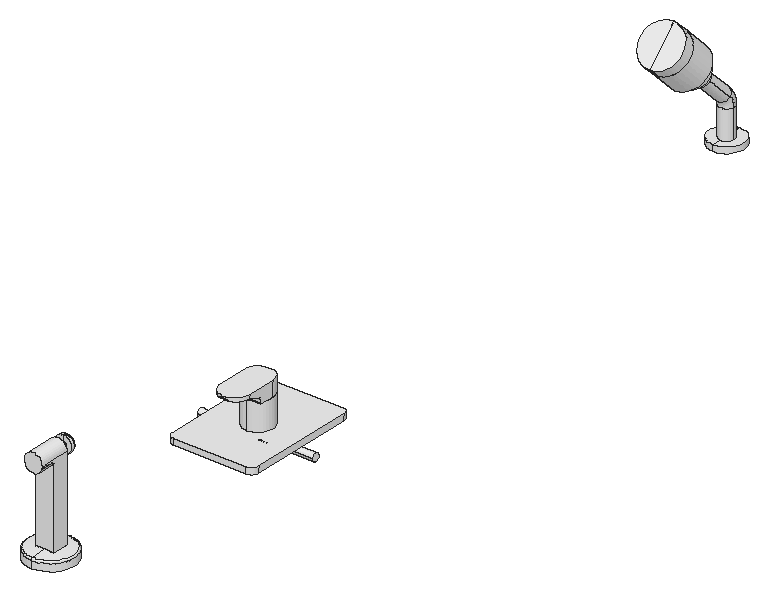
Revit family "Shower-Bath-American_Standard-Moments-T506.50x_Series", category Plumbing Fixtures, host Face, Revit 2014
Parameters (values of type "T506.502")
  Width = 6"
  Waste Connection = no
  Warranty Information = "Limited Lifetime Function and Finish Warranty."
  WFU = 4
  Vent Connection = no
  Valve = yes
  URL = "http://www.americanstandard-us.com/"
  Type Comments = ""
  Shower = yes
  Revised Date = "11/18/2016"  # constant formula
  Product Page URL = "https://www.americanstandard-us.com/bathroom/shower-faucets/moments-bath-shower-trim-kits-17945"
  Product Documentation Link = "https://www.americanstandard-us.com/-/media/sites/asus/files/product-specs/bulk/specsheett506502.pdf?la=en"
  Price = "Prices may vary. Please consult Manufacturer Representative for most up-to-date price list."  # constant formula
  NPT Connection Size = 1/2"
  NPT Connection Radius = NPT Connection Size / 2  # 1/4"
  Model = "T506.502"
  Material = "Brass-American Standard-002-Polished Chrome"
  Manufacturer = "American Standard"
  Length = 8 1/2"
  Hot Water Connection Radius = 1/4"
  Hot Water Connection Height = 39"
  Hot Water Connection Diameter = Hot Water Connection Radius * 2  # 1/2"
  Height = 74"
  HWFU = 3
  HW Connection = yes
  Description = "Moments Pressure Balance Bath-Shower Fitting. Bath and Shower Trim Kit."
  Default Elevation = 0"
  Creation Date = "10/24/14"  # constant formula
  Cold Water Connection Radius = 1/4"
  Cold Water Connection Height = Hot Water Connection Height  # 39"
  Cold Water Connection Diameter = Cold Water Connection Radius * 2  # 1/2"
  CWFU = 2
  CW Connection = yes
  Bath = yes
  Assembly Code = "D2020300"
  ADA Compliant = yes
Types (4): name | Shower | Model | Description | Bath
  (no name) | yes | "T506.502" | "Moments Pressure Balance Bath-Shower Fitting. Bath and Shower Trim Kit." | yes
  T506.502 | yes | "T506.502" | "Moments Pressure Balance Bath-Shower Fitting. Bath and Shower Trim Kit." | yes
  T506.501 | yes | "T506.501" | "Moments Pressure Balance Bath-Shower Fitting. Shower Only Trim Kit." | no
  T506.500 | no | "T506.500" | "Moments Pressure Balance Bath-Shower Fitting. Valve Only Trim Kit." | no
Reference planes (in)
  plane 1 "Center (Front/Back)": y = -43
  plane 2: z = 0
  plane 3 "Center (Left/Right)": x = 0
  plane 4: x = 4
  plane 5: x = -4
  plane 6: y = 31
  plane 7: y = -22
  plane 8: y = -4
  plane 9: y = 36.625
  plane 10: z = 8.5
  plane 11: through (0, 31, 8.50634) normal (0, -0.7071, -0.7071)
  plane 12: y = 35.4375
  plane 13: y = 37.8125
  plane 14: y = -8.1875
  plane 15: y = 0.1875
  plane 16: z = 6.5
Forms (in)
  Extrusion 1, solid, material "Brass-American Standard-002-Polished Chrome"
    sketch origin (0, -9, 0) x (0, 1, 0) y (0, 0, 1)
      loop
        circle (5, -0.32281) r 0.25
    from -4 to 4
  Extrusion 2, solid, material "Brass-American Standard-002-Polished Chrome"
    sketch origin (0, -43, 0) x (1, 0, 0) y (0, 0, 1)
      loop
        circle (0, -0.31947) r 0.25
    from -40.5 to -37.5
  Extrusion 3, solid, material "Brass-American Standard-002-Polished Chrome", visible <- "Shower"
    sketch origin (0, 0.625, 0) x (1, 0, 0) y (0, 1, 0)
      loop
        circle (0, 36) r 0.25
    from 0 to 0.02683
  Extrusion 4, solid, material "Brass-American Standard-002-Polished Chrome", visible <- "Bath"
    sketch origin (0, 0, 0) x (1, 0, 0) y (0, 1, 0)
      loop
        circle (0, -22) r 0.25
    from 0 to 0.09092
  Revolve 5, solid, material "Brass-American Standard-002-Polished Chrome", visible <- "Shower"
    sketch origin (0, 20.625, 0) x (0, 0, -1) y (0, 1, 0)
      loop
        line (0, 17.1875) -> (-0.4, 17.1875) -> (-0.4, 16) -> (0, 16) -> (0, 17.1875)
      axis (-0.4, 16) -> (0, 16)
    angle from 0 to 360
  Sweep 6, solid, material "Brass-American Standard-002-Polished Chrome", visible <- "Shower"
    path origin (0, -37.375, 0) x (0, 0, -1) y (0, 1, 0)
      loop
        line (-0.4, 74) -> (-2.41017, 74)
        arc (-2.41017, 74) -> (-2.84547, 73.91341) -> (-3.2145, 73.66683) r 1.1375
        line (-3.2145, 73.66683) -> (-4.93684, 71.94449)
    profile origin (0, 36.625, 0.4) x (0, -1, 0) y (1, 0, 0)
      loop
        circle (0, 0) r 0.5
  Extrusion 7, solid, material "Brass-American Standard-002-Polished Chrome", visible <- "Valve"
    sketch origin (0, -38, 0) x (1, 0, 0) y (0, 1, 0)
      loop
        arc (-2.5, 38.1875) -> (-2.85355, 38.04105) -> (-3, 37.6875) r 0.5
        line (-3, 37.6875) -> (-3, 30.3125)
        arc (-3, 30.3125) -> (-2.85355, 29.95895) -> (-2.5, 29.8125) r 0.5
        line (-2.5, 29.8125) -> (2.5, 29.8125)
        arc (2.5, 29.8125) -> (2.85355, 29.95895) -> (3, 30.3125) r 0.5
        line (3, 30.3125) -> (3, 37.6875)
        arc (3, 37.6875) -> (2.85355, 38.04105) -> (2.5, 38.1875) r 0.5
        line (2.5, 38.1875) -> (-2.5, 38.1875)
    from 0 to 0.4
  Revolve 8, solid, material "Brass-American Standard-002-Polished Chrome", visible <- "Valve"
    sketch origin (0, -38, 0) x (0, 0, -1) y (0, 1, 0)
      loop
        line (-0.4, 34) -> (-0.4, 35) -> (-2.30685, 35) -> (-2.30685, 34.88515) -> (-2.4, 34.88515) -> (-2.4, 34) -> (-0.4, 34)
      axis (-0.4, 34) -> (-2.4, 34)
    angle from 0 to 360
  Extrusion 9, solid, material "Brass-American Standard-002-Polished Chrome", visible <- "Valve"
    sketch origin (0, -38, 0) x (1, 0, 0) y (0, 1, 0)
      loop
        line (-1, 34) -> (-1, 32)
        arc (-1, 32) -> (0, 31) -> (1, 32) r 1
        line (1, 32) -> (1, 34)
        arc (1, 34) -> (0, 35) -> (-1, 34) r 1
    from 2.4 to 3.4
  Extrusion 10, void
    sketch origin (0, -38, -0.5) x (0, 0, -1) y (0, 1, 0)
      loop
        line (-2.65, 33) -> (-2.96127, 33)
        arc (-2.96127, 33) -> (-3.20475, 32.9408) -> (-3.39388, 32.77642) r 0.53033
        arc (-3.39388, 32.77642) -> (-3.58608, 32.15573) -> (-3.68954, 31.51425) r 4.63228
        line (-3.68954, 31.51425) -> (-3.68954, 31.14751)
        arc (-3.68954, 31.14751) -> (-3.72195, 31.04756) -> (-3.80685, 30.98564) r 0.17033
        line (-3.80685, 30.98564) -> (-3.80685, 30.75) -> (-2.65, 30.75) -> (-2.65, 33)
    from -1.34355 to 1.60308
  Revolve 11, solid, material "Brass-American Standard-002-Polished Chrome", visible <- "Bath"
    sketch origin (0, -48.5, 28.72666) x (0, 0, 1) y (0, 1, 0)
      loop
        line (-27.97906, 26.5) -> (-28.11495, 28.05322)
        arc (-28.11495, 28.05322) -> (-28.14994, 28.12418) -> (-28.22368, 28.15285) r 0.10914
        line (-28.22368, 28.15285) -> (-28.72666, 28.15285) -> (-28.72666, 26.5) -> (-27.97906, 26.5)
      axis (-28.72666, 26.5) -> (-27.97906, 26.5)
    angle from 0 to 360
  Revolve 12, solid, material "Brass-American Standard-002-Polished Chrome", visible <- "Bath"
    sketch origin (0, -48.5, 28.72666) x (0, 0, 1) y (0, 1, 0)
      loop
        line (-22.22666, 27.86458) -> (-22.22666, 26.81563) -> (-22.07101, 26.81563) -> (-22.07101, 27.61458) -> (-21.63351, 27.61458) -> (-21.63351, 27.79295)
        arc (-21.63351, 27.79295) -> (-21.65448, 27.8436) -> (-21.70513, 27.86458) r 0.07163
        line (-21.70513, 27.86458) -> (-22.22666, 27.86458)
      axis (-22.22666, 27.86458) -> (-22.22666, 26.81563)
    angle from 0 to 360
  Revolve 13, solid, material "Brass-American Standard-002-Polished Chrome", visible <- "Shower"
    sketch origin (0, -38.2216, -0.8466) x (0, 0, -1) y (0, 1, 0)
      loop
        line (-5.78344, 72.79109) -> (-6.13699, 73.14464) -> (-6.4033, 72.87834) -> (-6.72457, 72.48159) -> (-7.11586, 72.87288) -> (-7.82297, 72.16577) -> (-8.17652, 72.51933) -> (-9.82856, 70.86729) -> (-9.65178, 70.69051) -> (-9.69544, 70.64686) -> (-9.87222, 70.82363) -> (-10.41359, 70.28226) -> (-9.35293, 69.2216) -> (-5.78344, 72.79109)
      axis (-9.35293, 69.2216) -> (-5.78344, 72.79109)
    angle from 0 to 360
  Extrusion 14, solid, material "Brass-American Standard-002-Polished Chrome", visible <- "Bath"
    sketch origin (0, -43, 0) x (1, 0, 0) y (0, 0, 1)
      loop
        line (0.625, 0) -> (0.625, 6.5)
        arc (0.625, 6.5) -> (0, 7.125) -> (-0.625, 6.5) r 0.625
        line (-0.625, 6.5) -> (-0.625, 0) -> (0.625, 0)
    from -21.61427 to -19.5
  Extrusion 15, void
    sketch origin (0, 0, 0) x (0, 1, 0) y (0, 0, 1)
      loop
        line (-23.87576, 6.34523) -> (-23.87576, 0) -> (-22.5, 0) -> (-22.5, 6.09523)
        arc (-22.5, 6.09523) -> (-22.57322, 6.27201) -> (-22.75, 6.34523) r 0.25
        line (-22.75, 6.34523) -> (-23.87576, 6.34523)
    from -1.64621 to 1.83067
  Revolve 16, solid, material "Brass-American Standard-002-Polished Chrome", visible <- "Bath"
    sketch origin (0, 0, 0) x (0, 1, 0) y (0, 0, 1)
      loop
        line (-23.5, 6.5) -> (-22, 6.5) -> (-22, 7.125) -> (-23.5, 7.125) -> (-23.5, 6.5)
      axis (-23.5, 6.5) -> (-22, 6.5)
    angle from 0 to 360
Cuts and joins
  joined: Extrusion 1, Extrusion 2
  Extrusion 10 cuts Extrusion 9
  joined: Revolve 8, Extrusion 9
  Extrusion 15 cuts Extrusion 14
  joined: Revolve 11, Revolve 12, Extrusion 14, Revolve 16
  joined: Revolve 5, Sweep 6, Revolve 13
Lines and regions (in)
  Masking region 1, visible <- "Shower"
    outline origin (0, -43, 0) x (1, 0, 0) y (0, 0, 1)
      loop
        spline (1.49997, 8.5) -> (1.4508, 8.77575) -> (1.30201, 9.033) -> (1.06382, 9.25409) -> (0.75259, 9.42384) -> (0.38967, 9.53058) -> (0, 9.567) -> (-0.38967, 9.53058) -> (-0.75259, 9.42384) -> (-1.06382, 9.25409) -> (-1.30201, 9.033) -> (-1.4508, 8.77575) -> (-1.49997, 8.5)
        line (-1.49997, 8.5) -> (-1.49997, 6.26293)
        spline (-1.49997, 6.26293) -> (-1.49565, 6.18858) -> (-1.48397, 6.11462) -> (-1.46498, 6.04143) -> (-1.43879, 5.96935) -> (-1.40551, 5.89876) -> (-1.36531, 5.82998) -> (-1.31839, 5.76337) -> (-1.26498, 5.69925) -> (-1.20534, 5.63794) -> (-1.13977, 5.57973) -> (-1.0686, 5.52492) -> (-0.99216, 5.47377)
        spline (-0.99216, 5.47377) -> (-0.97964, 5.42019) -> (-0.96134, 5.36744) -> (-0.93737, 5.31585) -> (-0.90787, 5.2657) -> (-0.87302, 5.21731) -> (-0.83301, 5.17095) -> (-0.7881, 5.1269) -> (-0.73853, 5.08541) -> (-0.68461, 5.04674) -> (-0.62665, 5.01111) -> (-0.56499, 4.97873) -> (-0.5, 4.94979)
        line (-0.5, 4.94979) -> (-0.5, 0.4) -> (-1.1875, 0.4) -> (-1.1875, 0) -> (1.1875, 0) -> (1.1875, 0.4) -> (0.5, 0.4) -> (0.5, 4.94979)
        spline (0.5, 4.94979) -> (0.56499, 4.97873) -> (0.62665, 5.01111) -> (0.68461, 5.04674) -> (0.73853, 5.08541) -> (0.7881, 5.1269) -> (0.83301, 5.17095) -> (0.87302, 5.21731) -> (0.90787, 5.2657) -> (0.93737, 5.31585) -> (0.96134, 5.36744) -> (0.97964, 5.42019) -> (0.99216, 5.47377)
        spline (0.99216, 5.47377) -> (1.0686, 5.52492) -> (1.13977, 5.57973) -> (1.20534, 5.63794) -> (1.26498, 5.69925) -> (1.31839, 5.76337) -> (1.36531, 5.82998) -> (1.40551, 5.89876) -> (1.43879, 5.96935) -> (1.46498, 6.04143) -> (1.48397, 6.11462) -> (1.49565, 6.18858) -> (1.49997, 6.26293)
        line (1.49997, 6.26293) -> (1.49997, 8.5)
  Masking region 2, visible <- "Valve"
    outline origin (0, -43, 0) x (1, 0, 0) y (0, 0, 1)
      loop
        line (3, 0) -> (3, 0.4) -> (1, 0.4) -> (1, 2.30685) -> (0.88515, 2.30685) -> (0.88515, 2.4) -> (1, 2.4) -> (1, 3.4) -> (-1, 3.4) -> (-1, 2.4) -> (-0.88515, 2.4) -> (-0.88515, 2.30685) -> (-1, 2.30685) -> (-1, 0.4) -> (-3, 0.4) -> (-3, 0) -> (3, 0)
  Masking region 3, visible <- "Bath"
    outline origin (0, -43, 0) x (1, 0, 0) y (0, 0, 1)
      loop
        arc (0.625, 6.5) -> (0, 7.125) -> (-0.625, 6.5) r 0.625
        line (-0.625, 6.5) -> (-0.625, 0.67757) -> (-1.55281, 0.61269)
        arc (-1.55281, 0.61269) -> (-1.62396, 0.57875) -> (-1.65285, 0.50541) r 0.10754
        line (-1.65285, 0.50541) -> (-1.65285, 0) -> (1.65285, 0) -> (1.65285, 0.50541)
        arc (1.65285, 0.50541) -> (1.62396, 0.57875) -> (1.55281, 0.61269) r 0.10754
        line (1.55281, 0.61269) -> (0.625, 0.67757) -> (0.625, 6.5)
  symbolic lines, visible <- "Shower", detail levels medium+fine
    curve 1: line (-0.5, -43, 0.4) -> (0.5, -43, 0.4)
    curve 2: spline (-0.5, -43, 4.94979) -> (-0.81915, -43, 5.15658) -> (-0.98481, -43, 5.43937) -> (-0.96593, -43, 5.74517) -> (-0.76604, -43, 6.01668) -> (-0.42262, -43, 6.20301) -> (0, -43, 6.26926) -> (0.42262, -43, 6.20301) -> (0.76604, -43, 6.01668) -> (0.96593, -43, 5.74517) -> (0.98481, -43, 5.43937) -> (0.81915, -43, 5.15658) -> (0.5, -43, 4.94979)
    curve 3: spline (-1.5, -43, 6.26926) -> (-1.44889, -43, 6.54378) -> (-1.29904, -43, 6.79959) -> (-1.06066, -43, 7.01926) -> (-0.75, -43, 7.18782) -> (-0.38823, -43, 7.29378) -> (0, -43, 7.32992) -> (0.38823, -43, 7.29378) -> (0.75, -43, 7.18782) -> (1.06066, -43, 7.01926) -> (1.29904, -43, 6.79959) -> (1.44889, -43, 6.54378) -> (1.5, -43, 6.26926)
  symbolic lines, visible <- "Shower", detail levels fine
    curve 4: spline (-1.49968, -43, 7.94313) -> (-1.44131, -43, 8.2151) -> (-1.28598, -43, 8.46731) -> (-1.04416, -43, 8.68279) -> (-0.73211, -43, 8.84705) -> (-0.37081, -43, 8.94905) -> (0.01544, -43, 8.98191) -> (0.40064, -43, 8.94343) -> (0.75889, -43, 8.8362) -> (1.0661, -43, 8.66744) -> (1.3016, -43, 8.44848) -> (1.44955, -43, 8.19407) -> (1.5, -43, 7.92131)
    curve 5: spline (-1.49968, -43, 7.94313) -> (-1.45595, -43, 8.2201) -> (-1.31171, -43, 8.47946) -> (-1.0769, -43, 8.70329) -> (-0.76775, -43, 8.87616) -> (-0.40559, -43, 8.98611) -> (-0.01544, -43, 9.02556) -> (0.37579, -43, 8.9918) -> (0.74107, -43, 8.88713) -> (1.05519, -43, 8.71881) -> (1.29646, -43, 8.49844) -> (1.44822, -43, 8.24124) -> (1.5, -43, 7.96496)
    curve 6: spline (-1, -43, 6.26926) -> (-0.96593, -43, 6.45228) -> (-0.86603, -43, 6.62282) -> (-0.70711, -43, 6.76926) -> (-0.5, -43, 6.88164) -> (-0.25882, -43, 6.95228) -> (0, -43, 6.97637) -> (0.25882, -43, 6.95228) -> (0.5, -43, 6.88164) -> (0.70711, -43, 6.76926) -> (0.86603, -43, 6.62282) -> (0.96593, -43, 6.45228) -> (1, -43, 6.26926)
    curve 7: line (-1, -43, 5.56216) -> (-1, -43, 6.26926)
    curve 8: line (1, -43, 5.56216) -> (1, -43, 6.26926)
    curve 9: spline (-0.5, -43, 5.20315) -> (-0.48296, -43, 5.29466) -> (-0.43301, -43, 5.37993) -> (-0.35355, -43, 5.45315) -> (-0.25, -43, 5.50934) -> (-0.12941, -43, 5.54466) -> (0, -43, 5.5567) -> (0.12941, -43, 5.54466) -> (0.25, -43, 5.50934) -> (0.35355, -43, 5.45315) -> (0.43301, -43, 5.37993) -> (0.48296, -43, 5.29466) -> (0.5, -43, 5.20315)
    curve 10: spline (-0.44664, -43, 5.56216) -> (-0.43142, -43, 5.6439) -> (-0.3868, -43, 5.72007) -> (-0.31582, -43, 5.78548) -> (-0.22332, -43, 5.83567) -> (-0.1156, -43, 5.86722) -> (0, -43, 5.87798) -> (0.1156, -43, 5.86722) -> (0.22332, -43, 5.83567) -> (0.31582, -43, 5.78548) -> (0.3868, -43, 5.72007) -> (0.43142, -43, 5.6439) -> (0.44664, -43, 5.56216)
    curve 11: line (0.44664, -43, 5.56216) -> (0.5, -43, 5.20315)
    curve 12: line (-0.44664, -43, 5.56216) -> (-0.5, -43, 5.20315)
    curve 13: line (0.5, -43, 5.20315) -> (0.5, -43, 4.94979)
    curve 14: line (-0.5, -43, 5.20315) -> (-0.5, -43, 4.94979)
  symbolic lines, visible <- "Valve", detail levels medium+fine
    curve 15: line (1, -43, 0.4) -> (-1, -43, 0.4)
  symbolic lines, visible <- "Valve", detail levels fine
    curve 16: line (-0.88515, -43, 2.4) -> (0.88515, -43, 2.4)
    curve 17: line (0.88515, -43, 2.30685) -> (-0.88515, -43, 2.30685)
  symbolic lines, visible <- "Bath", detail levels medium+fine
    curve 18: arc (-0.625, -43, 0.67757) -> (-0.31272, -43, 0.696) -> (0, -43, 0.70385) r 9.23678
    curve 19: arc (0.625, -43, 0.67092) -> (0.31268, -43, 0.68729) -> (0, -43, 0.69385) r 9.96709
  symbolic lines, visible <- "Bath", detail levels fine
    curve 20: circle (0, -43, 6.5) r 0.59315 normal (0, -1, 0)
Dimensions and locks (in)
  plane 6 to plane 1 "Center (Front/Back)" = 74"
  plane 9 to plane 6 = 5 5/8"
  plane 13 to plane 12 = 2 3/8"
  plane 15 to plane 14 = 8 3/8"
  plane 16 to host face = 6 1/2"
  plane 6 to plane 8 to plane 7 = 35", 18"
  aligned and locked: plane 2 to host face
  aligned and locked: level to host face
Connectors (in)
  piping at (-4, -4, -0.32281), diameter 0.5, driven by "Hot Water Connection Radius", driven by "HWFU"
    settings: on cut or joined group of Extrusion 1, Extrusion 2, index 5, connector inside diameter 1/2", connector length 0", flow factor 0, pipe flow 0 GPM, pressure drop 0.00 psi, fitting loss kfactor 0, connector angle 0.00°, fixture units 3, engagement length 0", angle of deflection 0.00°, flow configuration 3, flow direction 1, fitting loss method 0, system type 19, joint type 0, gender type 0, connector reference index -1, connector utility 0, adjustable connector no, is connector primary yes, connector description "1/2\" HW NPT Inlet Connection"
  piping at (0, -2.5, -0.31947), diameter 0.5, driven by "NPT Connection Radius"
    settings: on cut or joined group of Extrusion 1, Extrusion 2, index 6, connector inside diameter 1/2", connector length 0", flow factor 0, pipe flow 0 GPM, pressure drop 0.00 psi, fitting loss kfactor 0, connector angle 0.00°, fixture units 0, engagement length 0", angle of deflection 0.00°, flow configuration 0, flow direction 2, fitting loss method 0, system type 29, joint type 0, gender type 0, connector reference index -1, connector utility 0, adjustable connector no, is connector primary no, connector description "1/2\" NPT Outlet Connection"
  piping at (0, -5.5, -0.31947), diameter 0.5, driven by "NPT Connection Radius"
    settings: on cut or joined group of Extrusion 1, Extrusion 2, index 7, connector inside diameter 1/2", connector length 0", flow factor 0, pipe flow 0 GPM, pressure drop 0.00 psi, fitting loss kfactor 0, connector angle 0.00°, fixture units 0, engagement length 0", angle of deflection 0.00°, flow configuration 0, flow direction 2, fitting loss method 0, system type 29, joint type 0, gender type 0, connector reference index -1, connector utility 0, adjustable connector no, is connector primary no, connector description "1/2\" NPT Tub Outlet Connection"
  piping at (4, -4, -0.32281), diameter 0.5, driven by "Cold Water Connection Radius", driven by "CWFU"
    settings: on cut or joined group of Extrusion 1, Extrusion 2, index 8, connector inside diameter 1/2", connector length 0", flow factor 0, pipe flow 0 GPM, pressure drop 0.00 psi, fitting loss kfactor 0, connector angle 0.00°, fixture units 2, engagement length 0", angle of deflection 0.00°, flow configuration 3, flow direction 1, fitting loss method 0, system type 20, joint type 0, gender type 0, connector reference index -1, connector utility 0, adjustable connector no, is connector primary no, connector description "1/2\" CW NPT Inlet Connection"
  piping at (0, -22, 0), diameter 0.5, driven by "NPT Connection Radius"
    settings: on Extrusion 4, index 10, connector inside diameter 24", connector length 0", flow factor 0, pipe flow 0 GPM, pressure drop 0.00 psi, fitting loss kfactor 0, connector angle 0.00°, fixture units 0, engagement length 0", angle of deflection 0.00°, flow configuration 0, flow direction 2, fitting loss method 0, system type 29, joint type 0, gender type 0, connector reference index -1, connector utility 0, adjustable connector no, is connector primary no, connector description "1/2\" NPT Outlet Connection"
  piping at (0, 36.625, 0), diameter 0.5, driven by "NPT Connection Radius"
    settings: on Extrusion 3, index 11, connector inside diameter 24", connector length 0", flow factor 0, pipe flow 2.5 GPM, pressure drop 0.00 psi, fitting loss kfactor 0, connector angle 0.00°, fixture units 0, engagement length 0", angle of deflection 0.00°, flow configuration 0, flow direction 2, fitting loss method 0, system type 29, joint type 0, gender type 0, connector reference index -1, connector utility 0, adjustable connector no, is connector primary no, connector description "1/2\" NPT Outlet Connection"
